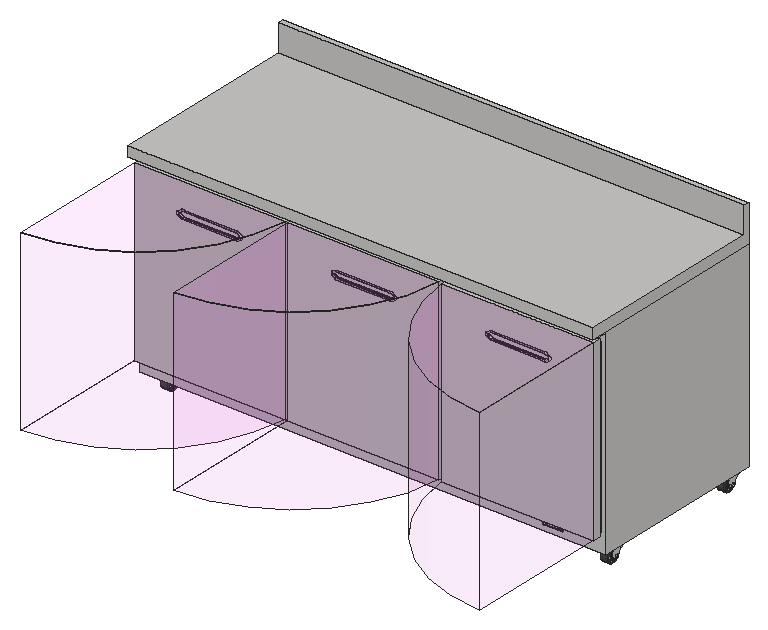
Revit family "QF_Kelvinator_738344_KCHUCWT72R-220_3-Door_220V_Refrigerated_Work_Top_72Long", category Specialty Equipment, Revit 2021
Family settings
  Round Connector Dimension = Use Diameter
  Part Type = Normal
  Work Plane-Based = No
  Always vertical = Yes
  Cut with Voids When Loaded = No
  Shared = No
  Room Calculation Point = No
Parameters
  Weight in Pounds = 380.011
  Watts = Volts * FL Amps  # 396 W
  Volts = 220 V
  URL Cutsheet = ""
  Specification by User = ""
  Specification by Manufacturer = ""
  Serial Number = ""
  Seismic Rating = ""
  SMACNA No = ""
  Revision Code = ""
  Refrigerant Type = "R290"
  Phase = 1
  Number of Poles = 1
  NAFEM Spec ID Number = ""
  Model = "738344 (KCHUCWT72R-220)"
  Min Ckt Ampacity = 0 A
  Max Overcurrent Protection = 0 A
  Masterspec = ""
  Manufacturer = "Kelvinator Commercial"
  Length = 71 3/4"
  Item Number = "738344"
  Installed By = ""
  Identify Quantity as Lot = yes
  Height = 39 5/8"
  HP = "1/4"
  Furnished By = ""
  Foodservice Equipment Identifier = yes
  FL Amps = 1.8 A
  Electrical Remarks = ""
  Electric Connection Type = ""
  Elec Conn RI Height = 0"
  Elec Conn Connection Height = 0"
  Description = "3-Door 220V Refrigerated Work Top 72\" Long"
  Depth = 29 15/16"
  Default Elevation = 0"
  Cycle = 50 Hz
  Conn Plug = ""
  Conn Conduit = yes
  CSI MasterFormat = ""
  Apparent Power = 0 VA
Reference planes (in)
  plane 1 "BACK": y = 0
  plane 2: z = 0
  plane 3 "LEFT": x = 0
  plane 4 "RIGHT": x = 71.75
  plane 5 "FRONT": y = -29.9375
  plane 6 "TOP": z = 39.625
  plane 7 "Center Y": x = 35.875
  plane 8 "Center X": y = -14.96875
Dimensions and locks (in)
  equal spacing: plane 3 "LEFT", plane 7 "Center Y", plane 4 "RIGHT"
  "Length": plane 3 "LEFT" to plane 4 "RIGHT"
  equal spacing: plane 5 "FRONT", plane 8 "Center X", plane 1 "BACK"
  "Depth": plane 5 "FRONT" to plane 1 "BACK"
  "Height": plane 6 "TOP" to level
  aligned and locked: level to plane 2
Nested families (in)
  nested 1: "KCHST.0001" at (0, 0, 0), type "KCHST.0001"
    with Show Clearance yes
Connectors (in)
  electrical at (35.85728, -0.87772, 2.31881), driven by "Volts", driven by "Watts"
    settings: on nested 1, index 1, voltage 220 V, apparent load 396 VA, apparent load phase1 0 VA, apparent load phase2 0 VA, apparent load phase3 0 VA, power factor 1, load classification "Other", number of poles 1, system type 30, power factor state 1, is connector primary yes, connector utility no, sub classification motor no, connector description ""
Definition of nested family "KCHST.0001"
  Parameters (values of type "KCHST.0001")
    Weight in Pounds = 0
    URL Cutsheet = ""
    Specification by User = ""
    Specification by Manufacturer = ""
    Show Clearance [instance] = yes
    Serial Number = ""
    Seismic Rating = ""
    SMACNA No = ""
    Revision Code = ""
    NAFEM Spec ID Number = ""
    Masterspec = ""
    Length = 71 3/4"
    Item Number = ""
    Installed By = ""
    Identify Quantity as Lot = yes
    Height = 39 5/8"
    Furnished By = ""
    Foodservice Equipment Identifier = yes
    Depth = 29 15/16"
    Default Elevation = 0"
    CSI MasterFormat = ""
  Reference planes (in)
    plane 1 "BACK": y = 0
    plane 2: z = 0
    plane 3 "LEFT": x = 0
    plane 4 "RIGHT": x = 71.75
    plane 5 "FRONT": y = -29.9375
    plane 6 "TOP": z = 39.625
    plane 7 "Center Y": x = 35.875
    plane 8 "Center X": y = -14.96875
    plane 9: z = 3.1
    plane 10: z = 33.8874
    plane 11: y = -29.2
    plane 12: z = 32.4
    plane 13: z = 5.6
    plane 14: y = -27.5
    plane 15: x = 69.75
    plane 16: x = 2
    plane 17: x = 71.25
    plane 18: x = 0.5
    plane 19: z = 35.4622
    plane 20: y = -27.2
    plane 21: x = 12.09564
    plane 22: x = 0.5
    plane 23: x = 59.65436
    plane 24: x = 35.875
    plane 25: y = -51.1811
  Forms (in)
    Extrusion 1, solid
      sketch origin (0, 0, 0) x (0, 1, 0) y (0, 0, 1)
        loop
          line (-27.5, 33.8874) -> (-27.5, 3.1) -> (0, 3.1) -> (0, 33.8874) -> (-27.5, 33.8874)
      from 0 to 71.75
    Extrusion 2, solid
      sketch origin (0, 0, 0) x (0, 1, 0) y (0, 0, 1)
        loop
          line (-0.7874, 39.625) -> (-0.7874, 35.4622) -> (-29.9375, 35.4622) -> (-29.9375, 33.8874) -> (0, 33.8874) -> (0, 39.625) -> (-0.7874, 39.625)
      from 0 to 71.75
    Extrusion 3, solid
      sketch origin (0, 0, 0) x (0, 1, 0) y (0, 0, 1)
        loop
          line (-29.25197, 33.8874) -> (-29.25197, 33.57244) -> (-27.5, 33.57244) -> (-27.5, 33.8874) -> (-29.25197, 33.8874)
      from 0.15748 to 71.5748
    Extrusion 4, solid
      sketch origin (35.875, 6.90541, 48) x (0, 1, 0) y (0, 0, 1)
        loop
          line (-36.10541, -15.05748) -> (-36.10541, -42.4) -> (-34.95211, -42.4) -> (-34.95211, -15.05748) -> (-36.10541, -15.05748)
      from -12.075 to -35.375
    Extrusion 5, solid
      sketch origin (0, 0, 0) x (0, 1, 0) y (0, 0, 1)
        loop
          line (-28.04671, 32.62756) -> (-28.04671, 5.81322) -> (-27.79671, 5.81322) -> (-27.79671, 32.62756) -> (-28.04671, 32.62756)
      from 0.74536 to 23.44592
    Extrusion 6, solid
      sketch origin (0, 0.25, 0) x (0, 1, 0) y (0, 0, 1)
        loop
          line (-28.04671, 32.20449) -> (-28.04671, 5.81322) -> (-27.864, 5.81322) -> (-27.864, 32.20449) -> (-28.04671, 32.20449)
      from 0.74536 to 23.44592
    Extrusion 7, solid
      sketch origin (0, 0.4327, 0) x (0, 1, 0) y (0, 0, 1)
        loop
          line (-28.04671, 32.20449) -> (-28.04671, 5.81322) -> (-27.9327, 5.81322) -> (-27.9327, 32.20449) -> (-28.04671, 32.20449)
      from 0.74536 to 23.44592
    Extrusion 8, solid
      sketch origin (-4.15108, -27.5, -4.57717) x (-1, 0, 0) y (0, 0, 1)
        loop
          line (-66.19304, 9.70772) -> (-69.34265, 9.70772) -> (-69.34265, 8.52662) -> (-66.19304, 8.52662) -> (-66.19304, 9.70772)
        loop
          line (-66.27178, 9.63107) -> (-66.66548, 9.63107) -> (-66.66548, 9.31193) -> (-66.27178, 9.31193) -> (-66.27178, 9.63107)
        loop
          line (-66.27178, 9.27674) -> (-66.66548, 9.27674) -> (-66.66548, 8.9576) -> (-66.27178, 8.9576) -> (-66.27178, 9.27674)
        loop
          line (-66.27178, 8.92241) -> (-66.66548, 8.92241) -> (-66.66548, 8.60327) -> (-66.27178, 8.60327) -> (-66.27178, 8.92241)
        loop
          line (-69.26391, 9.63107) -> (-69.26391, 9.31193) -> (-68.87021, 9.31193) -> (-68.87021, 9.63107) -> (-69.26391, 9.63107)
        loop
          line (-69.26391, 9.27674) -> (-69.26391, 8.9576) -> (-68.87021, 8.9576) -> (-68.87021, 9.27674) -> (-69.26391, 9.27674)
        loop
          line (-69.26391, 8.92241) -> (-69.26391, 8.60327) -> (-68.87021, 8.60327) -> (-68.87021, 8.92241) -> (-69.26391, 8.92241)
        loop
          line (-66.74297, 9.63107) -> (-68.79272, 9.63107) -> (-68.79272, 8.60716) -> (-66.74297, 8.60716) -> (-66.74297, 9.63107)
      from 0.07874 to -0.04602
    Extrusion 9, solid
      sketch origin (-4.15108, -27.54602, -4.57717) x (1, 0, 0) y (0, 0, 1)
        loop
          line (68.87021, 9.63107) -> (68.87021, 9.31193) -> (69.26391, 9.31193) -> (69.26391, 9.63107) -> (68.87021, 9.63107)
        loop
          line (68.87021, 9.27674) -> (68.87021, 8.9576) -> (69.26391, 8.9576) -> (69.26391, 9.27674) -> (68.87021, 9.27674)
        loop
          line (68.87021, 8.92241) -> (68.87021, 8.60327) -> (69.26391, 8.60327) -> (69.26391, 8.92241) -> (68.87021, 8.92241)
        loop
          line (66.66548, 9.63107) -> (66.27178, 9.63107) -> (66.27178, 9.31193) -> (66.66548, 9.31193) -> (66.66548, 9.63107)
        loop
          line (66.66548, 9.27674) -> (66.27178, 9.27674) -> (66.27178, 8.9576) -> (66.66548, 8.9576) -> (66.66548, 9.27674)
        loop
          line (66.66548, 8.92241) -> (66.27178, 8.92241) -> (66.27178, 8.60327) -> (66.66548, 8.60327) -> (66.66548, 8.92241)
      from 0 to -0.07874
    Extrusion 10, solid
      sketch origin (-4.15108, -27.54602, -4.57717) x (1, 0, 0) y (0, 0, 1)
        loop
          line (66.74297, 9.63107) -> (66.74297, 8.60716) -> (68.79272, 8.60716) -> (68.79272, 9.63107) -> (66.74297, 9.63107)
      from 0 to -0.07874
    Extrusion 11, void
      sketch origin (-4.15108, -27.5, -4.57717) x (-1, 0, 0) y (0, 0, 1)
        loop
          line (-66.17533, 9.70772) -> (-69.34265, 9.70772) -> (-69.34265, 8.52662) -> (-66.17533, 8.52662) -> (-66.17533, 9.70772)
      from 0 to 0.07874
    Extrusion 12, void
      sketch origin (-37.39706, -29.19996, 30.78217) x (0, 0, 1) y (1, 0, 0)
        loop
          line (-1.94791, 45.3177) -> (-1.94791, 53.6677) -> (-2.28604, 54.2087)
          arc (-2.28604, 54.2087) -> (-2.38541, 54.26378) -> (-2.48479, 54.2087) r 0.11719
          line (-2.48479, 54.2087) -> (-2.82291, 53.6677) -> (-2.82291, 45.3177) -> (-2.48621, 44.77897)
          arc (-2.48621, 44.77897) -> (-2.38541, 44.72311) -> (-2.28462, 44.77897) r 0.11887
          line (-2.28462, 44.77897) -> (-1.94791, 45.3177)
      from 0 to 0.31887
    Sweep 13, solid
      path origin (-34.14291, -26.39996, 30.78217) x (0, 0, -1) y (1, 0, 0)
        loop
          line (2.82291, 50.41355) -> (2.48479, 50.95455)
          arc (2.48479, 50.95455) -> (2.38541, 51.00963) -> (2.28604, 50.95455) r 0.11719
          line (2.28604, 50.95455) -> (1.94791, 50.41355) -> (1.94791, 42.06355) -> (2.28462, 41.52483)
          arc (2.28462, 41.52483) -> (2.38541, 41.46896) -> (2.48621, 41.52483) r 0.11887
          line (2.48621, 41.52483) -> (2.82291, 42.06355) -> (2.82291, 50.41355)
      profile origin (12.09564, -26.39996, 27.95925) x (0, 0, -1) y (0, -1, 0)
        loop
          line (0, 2.8) -> (0.25, 2.8)
          arc (0.25, 2.8) -> (0.125, 2.85269) -> (0, 2.8) r 0.17461
    Extrusion 14, solid
      sketch origin (-21.40625, -3.56521, 3.1) x (-1, 0, 0) y (0, 1, 0)
        loop
          circle (-57.26353, 2.68749) r 0.25
      from 0 to 0.78119
    Extrusion 15, solid
      sketch origin (35.875, 6.90541, 48) x (0, 1, 0) y (0, 0, -1)
        loop
          line (-36.10541, 15.05748) -> (-34.95211, 15.05748) -> (-34.95211, 42.4) -> (-36.10541, 42.4) -> (-36.10541, 15.05748)
      from -12.075 to -35.375
    Extrusion 16, solid
      sketch origin (71.75, 0, 0) x (0, 1, 0) y (0, 0, -1)
        loop
          line (-28.04671, -32.62756) -> (-27.79671, -32.62756) -> (-27.79671, -5.81322) -> (-28.04671, -5.81322) -> (-28.04671, -32.62756)
      from 0.74536 to 23.44592
    Extrusion 17, solid
      sketch origin (71.75, 0.25, 0) x (0, 1, 0) y (0, 0, -1)
        loop
          line (-28.04671, -32.20449) -> (-27.864, -32.20449) -> (-27.864, -5.81322) -> (-28.04671, -5.81322) -> (-28.04671, -32.20449)
      from 0.74536 to 23.44592
    Extrusion 18, solid
      sketch origin (71.75, 0.4327, 0) x (0, 1, 0) y (0, 0, -1)
        loop
          line (-28.04671, -32.20449) -> (-27.9327, -32.20449) -> (-27.9327, -5.81322) -> (-28.04671, -5.81322) -> (-28.04671, -32.20449)
      from 0.74536 to 23.44592
    Extrusion 19, void
      sketch origin (109.14706, -29.19996, 30.78217) x (0, 0, 1) y (1, 0, 0)
        loop
          line (-1.94791, -45.3177) -> (-2.28462, -44.77897)
          arc (-2.28462, -44.77897) -> (-2.38541, -44.72311) -> (-2.48621, -44.77897) r 0.11887
          line (-2.48621, -44.77897) -> (-2.82291, -45.3177) -> (-2.82291, -53.6677) -> (-2.48479, -54.2087)
          arc (-2.48479, -54.2087) -> (-2.38541, -54.26378) -> (-2.28604, -54.2087) r 0.11719
          line (-2.28604, -54.2087) -> (-1.94791, -53.6677) -> (-1.94791, -45.3177)
      from 0 to 0.31887
    Sweep 20, solid
      path origin (105.89291, -26.39996, 30.78217) x (0, 0, -1) y (1, 0, 0)
        loop
          line (2.82291, -50.41355) -> (2.82291, -42.06355) -> (2.48621, -41.52483)
          arc (2.48621, -41.52483) -> (2.38541, -41.46896) -> (2.28462, -41.52483) r 0.11887
          line (2.28462, -41.52483) -> (1.94791, -42.06355) -> (1.94791, -50.41355) -> (2.28604, -50.95455)
          arc (2.28604, -50.95455) -> (2.38541, -51.00963) -> (2.48479, -50.95455) r 0.11719
          line (2.48479, -50.95455) -> (2.82291, -50.41355)
      profile origin (59.65436, -26.39996, 27.95925) x (0, 0, 1) y (0, -1, 0)
        loop
          arc (0, 2.8) -> (-0.125, 2.85269) -> (-0.25, 2.8) r 0.17461
          line (-0.25, 2.8) -> (0, 2.8)
    Extrusion 21, solid
      sketch origin (12.09564, 6.90541, 48) x (0, 1, 0) y (0, 0, -1)
        loop
          line (-36.10541, 15.05748) -> (-34.95211, 15.05748) -> (-34.95211, 42.4) -> (-36.10541, 42.4) -> (-36.10541, 15.05748)
      from -12.075 to -35.375
    Extrusion 22, solid
      sketch origin (47.97064, 0, 0) x (0, 1, 0) y (0, 0, -1)
        loop
          line (-28.04671, -32.62756) -> (-27.79671, -32.62756) -> (-27.79671, -5.81322) -> (-28.04671, -5.81322) -> (-28.04671, -32.62756)
      from 0.74536 to 23.44592
    Extrusion 23, solid
      sketch origin (47.97064, 0.25, 0) x (0, 1, 0) y (0, 0, -1)
        loop
          line (-28.04671, -32.20449) -> (-27.864, -32.20449) -> (-27.864, -5.81322) -> (-28.04671, -5.81322) -> (-28.04671, -32.20449)
      from 0.74536 to 23.44592
    Extrusion 24, solid
      sketch origin (47.97064, 0.4327, 0) x (0, 1, 0) y (0, 0, -1)
        loop
          line (-28.04671, -32.20449) -> (-27.9327, -32.20449) -> (-27.9327, -5.81322) -> (-28.04671, -5.81322) -> (-28.04671, -32.20449)
      from 0.74536 to 23.44592
    Extrusion 25, void
      sketch origin (85.3677, -29.19996, 30.78217) x (0, 0, 1) y (1, 0, 0)
        loop
          line (-1.94791, -45.32655) -> (-2.28462, -44.78783)
          arc (-2.28462, -44.78783) -> (-2.38541, -44.73196) -> (-2.48621, -44.78783) r 0.11887
          line (-2.48621, -44.78783) -> (-2.82291, -45.32655) -> (-2.82291, -53.6677) -> (-2.48479, -54.2087)
          arc (-2.48479, -54.2087) -> (-2.38541, -54.26378) -> (-2.28604, -54.2087) r 0.11719
          line (-2.28604, -54.2087) -> (-1.94791, -53.6677) -> (-1.94791, -45.32655)
      from 0 to 0.31887
    Sweep 26, solid
      path origin (82.11355, -26.39996, 30.78217) x (0, 0, -1) y (1, 0, 0)
        loop
          line (2.82291, -50.41355) -> (2.82291, -42.07241) -> (2.48621, -41.53368)
          arc (2.48621, -41.53368) -> (2.38541, -41.47782) -> (2.28462, -41.53368) r 0.11887
          line (2.28462, -41.53368) -> (1.94791, -42.07241) -> (1.94791, -50.41355) -> (2.28604, -50.95455)
          arc (2.28604, -50.95455) -> (2.38541, -51.00963) -> (2.48479, -50.95455) r 0.11719
          line (2.48479, -50.95455) -> (2.82291, -50.41355)
      profile origin (35.87057, -26.39996, 27.95925) x (0, 0, 1) y (0, -1, 0)
        loop
          arc (0, 2.8) -> (-0.125, 2.85269) -> (-0.25, 2.8) r 0.17461
          line (-0.25, 2.8) -> (0, 2.8)
    Extrusion 27, solid, visible <- "Show Clearance"
      sketch origin (35.875, -28.04671, 5.6) x (-1, 0, 0) y (0, 1, 0)
        loop
          line (35.375, -1.15329) -> (12.075, -1.15329)
          arc (12.075, -1.15329) -> (19.51555, -16.60586) -> (35.375, -23.1344) r 23.97552
          line (35.375, -23.1344) -> (35.375, -1.15329)
        loop
          line (-12.075, -1.15329) -> (-35.375, -1.15329) -> (-35.375, -23.1344)
          arc (-35.375, -23.1344) -> (-19.51555, -16.60586) -> (-12.075, -1.15329) r 23.97552
        loop
          line (11.70436, -1.15329) -> (-11.59564, -1.15329)
          arc (-11.59564, -1.15329) -> (-4.15508, -16.60586) -> (11.70436, -23.1344) r 23.97552
          line (11.70436, -23.1344) -> (11.70436, -1.15329)
      from 0 to -27.34252
    Extrusion 28, solid
      sketch origin (1.06299, -28.68111, 32.94252) x (0, -1, 0) y (0, 0, 1)
        loop
          line (-1.08269, 0.09843) -> (-1.08269, 0.31496) -> (-1.18111, 0.31496) -> (-1.18111, 0) -> (-0.0808, 0) -> (-0.0808, 0.09843) -> (-1.08269, 0.09843)
        loop
          line (-1.08269, -27.08661) -> (-1.08269, -26.87008) -> (-0.0808, -26.87008) -> (-0.0808, -26.77165) -> (-1.18111, -26.77165) -> (-1.18111, -27.08661) -> (-1.08269, -27.08661)
      from 0 to -2.59843
    Extrusion 29, solid
      sketch origin (44.40945, -28.68111, 32.94252) x (0, -1, 0) y (0, 0, 1)
        loop
          line (-1.08269, 0.09843) -> (-1.08269, 0.31496) -> (-1.18111, 0.31496) -> (-1.18111, 0) -> (-0.0808, 0) -> (-0.0808, 0.09843) -> (-1.08269, 0.09843)
        loop
          line (-1.08269, -27.08661) -> (-1.08269, -26.87008) -> (-0.0808, -26.87008) -> (-0.0808, -26.77165) -> (-1.18111, -26.77165) -> (-1.18111, -27.08661) -> (-1.08269, -27.08661)
      from 0 to -2.59843
    Extrusion 30, solid
      sketch origin (68.07087, -28.68111, 32.94252) x (0, -1, 0) y (0, 0, 1)
        loop
          line (-1.08269, 0.09843) -> (-1.08269, 0.31496) -> (-1.18111, 0.31496) -> (-1.18111, 0) -> (-0.0808, 0) -> (-0.0808, 0.09843) -> (-1.08269, 0.09843)
        loop
          line (-1.08269, -27.08661) -> (-1.08269, -26.87008) -> (-0.0808, -26.87008) -> (-0.0808, -26.77165) -> (-1.18111, -26.77165) -> (-1.18111, -27.08661) -> (-1.08269, -27.08661)
      from 0 to -2.59843
  Cuts and joins
    Extrusion 11 cuts Extrusion 8
    Extrusion 12, Extrusion 19 cuts Extrusion 4
    Extrusion 19, Extrusion 25 cuts Extrusion 15
    Extrusion 25 cuts Extrusion 21
  Lines and regions (in)
    symbolic lines
      curve 1: line (71.75, -29.9375, 0) -> (71.75, 0, 0)
      curve 2: line (71.75, 0, 0) -> (0, 0, 0)
      curve 3: line (0, 0, 0) -> (0, -29.9375, 0)
      curve 4: line (0, -29.9375, 0) -> (71.75, -29.9375, 0)
      curve 5: line (0, -0.7874, 0) -> (71.75, -0.7874, 0)
      curve 9: arc (23.71831, -29.9375, 0) -> (22.3246, -35.69101, 0) -> (19.56361, -40.92764, 0) r 23.97552
      curve 10: arc (47.38895, -29.9375, 0) -> (45.9924, -35.69851, 0) -> (43.22507, -40.94078, 0) r 23.97552
      curve 11: arc (52.17776, -40.94065, 0) -> (49.41253, -35.69805, 0) -> (48.01706, -29.9375, 0) r 23.99005
    symbolic lines, visible <- "Show Clearance"
      curve 6: line (0.5, -29.9375, 0) -> (19.56361, -40.92764, 0)
      curve 7: line (24.16079, -29.9375, 0) -> (43.22507, -40.94078, 0)
      curve 8: line (71.25, -29.9375, 0) -> (52.17776, -40.94065, 0)
  Dimensions and locks (in)
    equal spacing: plane 3 "LEFT", plane 7 "Center Y", plane 4 "RIGHT"
    "Length": plane 3 "LEFT" to plane 4 "RIGHT"
    equal spacing: plane 5 "FRONT", plane 8 "Center X", plane 1 "BACK"
    "Depth": plane 5 "FRONT" to plane 1 "BACK"
    "Height": plane 6 "TOP" to level
    level to plane 9 = 3.1"
    plane 10 to plane 9 = 30.7874"
    plane 13 to plane 12 = 26.8"
    locked: plane 4 "RIGHT" to plane 15 at 2
    locked: plane 3 "LEFT" to plane 16 at 2
    locked: plane 18 to plane 3 "LEFT" at 0.5
    locked: plane 17 to plane 4 "RIGHT" at 0.5
    plane 3 "LEFT" to plane 4 "RIGHT" = 71 3/4"
    plane 19 to level = 35.4622"
    plane 6 "TOP" to plane 19 = 4.1628"
    plane 5 "FRONT" to plane 1 "BACK" = 29 15/16"
    plane 20 to plane 1 "BACK" = 27.2"
    plane 9 to plane 19 = 32.3622"
    plane 25 to plane 1 "BACK" = 51.1811"
    aligned and locked: level to plane 2
    aligned and locked: plane 15 to nested 1
    aligned and locked: nested 2 to plane 16
    aligned and locked: Extrusion 1 to plane 4 "RIGHT"
    aligned and locked: plane 4 "RIGHT" to Extrusion 1
    aligned and locked: Extrusion 2 to plane 4 "RIGHT"
    aligned and locked: cut or joined group of Extrusion 4, Extrusion 12, Extrusion 19 to plane 18
    aligned and locked: plane 15 to nested 3
    aligned and locked: Extrusion 6 to Extrusion 5
    aligned and locked: Extrusion 7 to Extrusion 5
    aligned and locked: Extrusion 17 to Extrusion 16
    aligned and locked: Extrusion 18 to Extrusion 16
    aligned and locked: Extrusion 23 to Extrusion 22
    aligned and locked: Extrusion 24 to Extrusion 22
  Automatic sketch dimensions
    curve 5 to plane 3 "LEFT" = 0"
    plane 5 "FRONT" to curve 6 = 0"
    curve 6 to plane 18 = 0"
    curve 8 to plane 17 = 0"
    plane 1 "BACK" to curve 2 = 0"
    curve 2 to plane 4 "RIGHT" = 0"
    plane 20 to curve 9 = 0.01291"
    curve 9 to plane 3 "LEFT" = 0.1019"
    plane 21 to curve 6 = 7.46797"
    plane 20 to curve 10 = 0.01291"
    plane 21 to curve 10 = 11.4731"
    curve 7 to plane 24 = 7.35007"
    plane 23 to curve 8 = 7.4766"
    plane 20 to curve 11 = 0.01291"
    curve 11 to plane 4 "RIGHT" = 0.1019"
    plane 25 to curve 6 = 10.25346"
    plane 25 to curve 8 = 10.24045"
    curve 7 to curve 11 = 0.00013"
    curve 9 to curve 7 = 0.44248"
    plane 1 "BACK" to curve 5 = 0.7874"
    plane 9 to Extrusion 1 sketch curve = 0"
    Extrusion 1 sketch curve to plane 14 = 0"
    Extrusion 1 sketch curve to plane 1 "BACK" = 0"
    Extrusion 1 sketch curve to plane 10 = 0"
    Extrusion 2 sketch curve to plane 5 "FRONT" = 0"
    Extrusion 2 sketch curve to plane 19 = 0"
    Extrusion 2 sketch curve to plane 6 "TOP" = 0"
    Extrusion 2 sketch curve to plane 1 "BACK" = 0"
    Extrusion 2 sketch curve to plane 10 = 0"
    plane 1 "BACK" to Extrusion 2 sketch curve = 0.7874"
    Extrusion 3 sketch curve to plane 10 = 0"
    Extrusion 3 sketch curve to plane 14 = 0"
    Extrusion 3 sketch curve to plane 11 = 0.05197"
    Extrusion 3 sketch curve to plane 10 = 0.31496"
    Extrusion 4 sketch curve to plane 11 = 0"
    plane 13 to Extrusion 4 sketch curve = 0"
    Extrusion 4 sketch curve to plane 14 = 0.54671"
    Extrusion 4 sketch curve to plane 12 = 0.54252"
    Extrusion 5 sketch curve to plane 13 = 0.21322"
    Extrusion 5 sketch curve to plane 14 = 0.54671"
    Extrusion 5 sketch curve to Extrusion 5 sketch curve = 1/4"
    Extrusion 5 sketch curve to plane 12 = 0.22756"
    Extrusion 6 sketch curve to plane 14 = 0.29671"
    Extrusion 6 sketch curve to plane 14 = 0.114"
    Extrusion 6 sketch curve to plane 13 = 0.21322"
    plane 12 to Extrusion 6 sketch curve = 0.19551"
    Extrusion 7 sketch curve to plane 14 = 0"
    Extrusion 7 sketch curve to Extrusion 7 sketch curve = 0.114"
    Extrusion 7 sketch curve to plane 13 = 0.21322"
    plane 12 to Extrusion 7 sketch curve = 0.19551"
    plane 13 to Extrusion 8 sketch curve = 0.46944"
    Extrusion 8 sketch curve to plane 15 = 4.55843"
    Extrusion 8 sketch curve to Extrusion 8 sketch curve = 0.07874"  (x3)
    Extrusion 8 sketch curve to Extrusion 8 sketch curve = 0"  (x7)
    Extrusion 8 sketch curve to Extrusion 8 sketch curve = 0.3937"  (x2)
    Extrusion 8 sketch curve to Extrusion 8 sketch curve = 0.07748"  (x3)
    Extrusion 8 sketch curve to plane 9 = 0.93"
    Extrusion 8 sketch curve to Extrusion 8 sketch curve = 2.04976"
    Extrusion 8 sketch curve to Extrusion 8 sketch curve = 1/256"  (x2)
    Extrusion 8 sketch curve to Extrusion 8 sketch curve = 0.07665"  (x3)
    Extrusion 8 sketch curve to Extrusion 8 sketch curve = 0.31914"  (x4)
    Extrusion 8 sketch curve to Extrusion 8 sketch curve = 0.03519"  (x4)
    Extrusion 8 to Extrusion 9 sketch curve = 0"  (x10)
    Extrusion 9 sketch curve to Extrusion 8 = 0"  (x14)
    Extrusion 10 sketch curve to Extrusion 8 = 0"  (x3)
    Extrusion 8 to Extrusion 10 sketch curve = 0"
    plane 13 to Extrusion 11 sketch curve = 0.46944"
    Extrusion 11 sketch curve to plane 15 = 4.55843"
    Extrusion 11 sketch curve to plane 9 = 0.84946"
    Extrusion 11 sketch curve to plane 23 = 2.36988"
    plane 12 to Extrusion 12 sketch curve = 4.44075"
    Extrusion 12 sketch curve to Extrusion 12 sketch curve = 0.3367"
    Extrusion 12 sketch curve to Extrusion 12 sketch curve = 0.33813"  (x2)
    Extrusion 12 sketch curve to Extrusion 12 sketch curve = 0.09937"  (x2)
    Extrusion 12 sketch curve to Extrusion 12 sketch curve = 0.1008"  (x2)
    Extrusion 12 sketch curve to plane 21 = 4.71372"
    Extrusion 12 sketch curve to Extrusion 12 sketch curve = 0.063"
    Extrusion 12 sketch curve to Extrusion 12 sketch curve = 0.53872"  (x2)
    plane 21 to Extrusion 12 sketch curve = 4.175"
    Extrusion 12 sketch curve to Extrusion 12 sketch curve = 0"
    Extrusion 12 sketch curve to Extrusion 12 sketch curve = 0.47889"
    Extrusion 12 sketch curve to Extrusion 12 sketch curve = 0.06211"
    plane 12 to Sweep 13 sketch curve = 3.56575"
    Sweep 13 sketch curve to Sweep 13 sketch curve = 0.3367"
    Sweep 13 sketch curve to Sweep 13 sketch curve = 0.33813"  (x2)
    Sweep 13 sketch curve to Sweep 13 sketch curve = 0.09937"  (x2)
    Sweep 13 sketch curve to Sweep 13 sketch curve = 0.1008"  (x2)
    Sweep 13 sketch curve to plane 21 = 4.71372"
    Sweep 13 sketch curve to Sweep 13 sketch curve = 0.063"
    Sweep 13 sketch curve to Sweep 13 sketch curve = 0.53872"  (x2)
    plane 21 to Sweep 13 sketch curve = 4.175"
    Sweep 13 sketch curve to Sweep 13 sketch curve = 0"
    Sweep 13 sketch curve to Sweep 13 sketch curve = 0.47889"
    Sweep 13 sketch curve to Sweep 13 sketch curve = 0.06211"
    Sweep 13 sketch curve to profile plane = 0"
    Sweep 13 sketch curve to profile plane = 1/8"
    profile plane to Sweep 13 sketch curve = 2.67809"
    Sweep 13 sketch curve to Sweep 13 sketch curve = 0.12191"
    Extrusion 1 to Extrusion 14 sketch curve = 0.87772"
    Extrusion 14 sketch curve to Extrusion 1 = 35.85728"
    Extrusion 15 sketch curve to plane 11 = 0"
    plane 13 to Extrusion 15 sketch curve = 0"
    Extrusion 15 sketch curve to plane 14 = 0.54671"
    Extrusion 15 sketch curve to plane 12 = 0.54252"
    Extrusion 16 sketch curve to plane 13 = 0.21322"
    Extrusion 16 sketch curve to plane 14 = 0.54671"
    Extrusion 16 sketch curve to Extrusion 16 sketch curve = 1/4"
    Extrusion 16 sketch curve to plane 12 = 0.22756"
    Extrusion 17 sketch curve to plane 14 = 0.29671"
    Extrusion 17 sketch curve to plane 14 = 0.114"
    plane 12 to Extrusion 17 sketch curve = 0.19551"
    Extrusion 17 sketch curve to plane 13 = 0.21322"
    Extrusion 18 sketch curve to plane 14 = 0"
    Extrusion 18 sketch curve to Extrusion 18 sketch curve = 0.114"
    plane 12 to Extrusion 18 sketch curve = 0.19551"
    Extrusion 18 sketch curve to plane 13 = 0.21322"
    plane 12 to Extrusion 19 sketch curve = 4.44075"
    Extrusion 19 sketch curve to Extrusion 19 sketch curve = 0.3367"
    Extrusion 19 sketch curve to Extrusion 19 sketch curve = 0.33813"  (x2)
    Extrusion 19 sketch curve to Extrusion 19 sketch curve = 0.09937"  (x2)
    Extrusion 19 sketch curve to Extrusion 19 sketch curve = 0.1008"  (x2)
    plane 23 to Extrusion 19 sketch curve = 4.716"
    Extrusion 19 sketch curve to Extrusion 19 sketch curve = 0.06211"
    Extrusion 19 sketch curve to Extrusion 19 sketch curve = 0.541"  (x2)
    Extrusion 19 sketch curve to plane 23 = 4.175"
    Extrusion 19 sketch curve to Extrusion 19 sketch curve = 0"
    Extrusion 19 sketch curve to Extrusion 19 sketch curve = 0.47572"
    Extrusion 19 sketch curve to Extrusion 19 sketch curve = 0.063"
    plane 12 to Sweep 20 sketch curve = 3.56575"
    Sweep 20 sketch curve to Sweep 20 sketch curve = 0.3367"
    Sweep 20 sketch curve to Sweep 20 sketch curve = 0.33813"  (x2)
    Sweep 20 sketch curve to Sweep 20 sketch curve = 0.09937"  (x2)
    Sweep 20 sketch curve to Sweep 20 sketch curve = 0.1008"  (x2)
    plane 23 to Sweep 20 sketch curve = 4.716"
    Sweep 20 sketch curve to Sweep 20 sketch curve = 0.06211"
    Sweep 20 sketch curve to Sweep 20 sketch curve = 0.541"  (x2)
    Sweep 20 sketch curve to plane 23 = 4.175"
    Sweep 20 sketch curve to Sweep 20 sketch curve = 0"
    Sweep 20 sketch curve to Sweep 20 sketch curve = 0.47572"
    Sweep 20 sketch curve to Sweep 20 sketch curve = 0.063"
    profile plane to Sweep 20 sketch curve = 0"
    profile plane to Sweep 20 sketch curve = 1/8"
    profile plane to Sweep 20 sketch curve = 2.67809"
    Sweep 20 sketch curve to Sweep 20 sketch curve = 0.12191"
    Extrusion 21 sketch curve to plane 11 = 0"
    plane 13 to Extrusion 21 sketch curve = 0"
    Extrusion 21 sketch curve to plane 14 = 0.54671"
    Extrusion 21 sketch curve to plane 12 = 0.54252"
    Extrusion 22 sketch curve to plane 13 = 0.21322"
    Extrusion 22 sketch curve to plane 14 = 0.54671"
    Extrusion 22 sketch curve to Extrusion 22 sketch curve = 1/4"
    Extrusion 22 sketch curve to plane 12 = 0.22756"
    Extrusion 23 sketch curve to plane 14 = 0.29671"
    Extrusion 23 sketch curve to plane 14 = 0.114"
    plane 12 to Extrusion 23 sketch curve = 0.19551"
    Extrusion 23 sketch curve to plane 13 = 0.21322"
    Extrusion 24 sketch curve to plane 14 = 0"
    Extrusion 24 sketch curve to Extrusion 24 sketch curve = 0.114"
    plane 12 to Extrusion 24 sketch curve = 0.19551"
    Extrusion 24 sketch curve to plane 13 = 0.21322"
    plane 12 to Extrusion 25 sketch curve = 4.44075"
    Extrusion 25 sketch curve to Extrusion 25 sketch curve = 0.3367"
    Extrusion 25 sketch curve to Extrusion 25 sketch curve = 0.33813"  (x2)
    Extrusion 25 sketch curve to Extrusion 25 sketch curve = 0.09937"  (x2)
    Extrusion 25 sketch curve to Extrusion 25 sketch curve = 0.1008"  (x2)
    Extrusion 25 sketch curve to plane 7 "Center Y" = 4.716"
    Extrusion 25 sketch curve to Extrusion 25 sketch curve = 0.06211"
    Extrusion 25 sketch curve to Extrusion 25 sketch curve = 0.541"  (x2)
    Extrusion 25 sketch curve to plane 24 = 4.16614"
    Extrusion 25 sketch curve to Extrusion 25 sketch curve = 0"
    Extrusion 25 sketch curve to Extrusion 25 sketch curve = 0.47572"
    Extrusion 25 sketch curve to Extrusion 25 sketch curve = 0.063"
    plane 12 to Sweep 26 sketch curve = 3.56575"
    Sweep 26 sketch curve to Sweep 26 sketch curve = 0.3367"
    Sweep 26 sketch curve to Sweep 26 sketch curve = 0.33813"  (x2)
    Sweep 26 sketch curve to Sweep 26 sketch curve = 0.09937"  (x2)
    Sweep 26 sketch curve to Sweep 26 sketch curve = 0.1008"  (x2)
    Sweep 26 sketch curve to plane 7 "Center Y" = 4.716"
    Sweep 26 sketch curve to Sweep 26 sketch curve = 0.06211"
    Sweep 26 sketch curve to Sweep 26 sketch curve = 0.541"  (x2)
    Sweep 26 sketch curve to plane 24 = 4.16614"
    Sweep 26 sketch curve to Sweep 26 sketch curve = 0"
    Sweep 26 sketch curve to Sweep 26 sketch curve = 0.47572"
    Sweep 26 sketch curve to Sweep 26 sketch curve = 0.063"
    profile plane to Sweep 26 sketch curve = 0"
    profile plane to Sweep 26 sketch curve = 1/8"
    profile plane to Sweep 26 sketch curve = 2.67809"
    Sweep 26 sketch curve to Sweep 26 sketch curve = 0.12191"
    Extrusion 27 sketch curve to Extrusion 15 = 0"  (x5)
    Extrusion 15 to Extrusion 27 sketch curve = 0.59304"
    Extrusion 15 to Extrusion 27 sketch curve = 0.47936"
    Extrusion 27 sketch curve to Extrusion 27 sketch curve = 23.3"
    Extrusion 27 sketch curve to Extrusion 27 sketch curve = 0.37064"
    Extrusion 27 sketch curve to Extrusion 15 = 0.83379"  (x3)
    Extrusion 27 sketch curve to Extrusion 27 sketch curve = 0.2224"
    Extrusion 27 sketch curve to Extrusion 27 sketch curve = 23.67064"
    Extrusion 27 sketch curve to Extrusion 27 sketch curve = 0.59304"
    Extrusion 28 sketch curve to Extrusion 28 sketch curve = 0.09843"  (x2)
    Extrusion 28 sketch curve to Extrusion 28 sketch curve = 0.21654"  (x2)
    plane 20 to Extrusion 29 sketch curve = 0.3"  (x2)
    plane 20 to Extrusion 29 sketch curve = 51/128"  (x2)
    Extrusion 29 sketch curve to plane 14 = 1.10032"  (x2)
    Extrusion 29 sketch curve to plane 13 = 0.25591"
    Extrusion 29 sketch curve to plane 13 = 0.47244"
    Extrusion 29 sketch curve to Extrusion 29 sketch curve = 0.09843"  (x2)
    Extrusion 29 sketch curve to plane 12 = 0.54252"
    Extrusion 29 sketch curve to Extrusion 29 sketch curve = 0.21654"
    plane 20 to Extrusion 30 sketch curve = 0.3"  (x2)
    plane 20 to Extrusion 30 sketch curve = 51/128"  (x2)
    Extrusion 30 sketch curve to plane 14 = 1.10032"  (x2)
    Extrusion 30 sketch curve to plane 13 = 0.25591"
    Extrusion 30 sketch curve to plane 13 = 0.47244"
    Extrusion 30 sketch curve to Extrusion 30 sketch curve = 0.09843"  (x2)
    Extrusion 30 sketch curve to plane 12 = 0.54252"
    Extrusion 30 sketch curve to Extrusion 30 sketch curve = 0.21654"
    plane 20 to Extrusion 28 sketch curve = 0.3"  (x2)
    plane 20 to Extrusion 28 sketch curve = 51/128"  (x2)
    Extrusion 28 sketch curve to plane 14 = 1.10032"  (x2)
    Extrusion 28 sketch curve to plane 13 = 0.25591"
    Extrusion 28 sketch curve to plane 12 = 0.54252"
    radius of Extrusion 14 sketch curve = 1/4"
  Nested families (in)
    nested 1: "3 INCHES 01_CASTER" at (69.75, -24.75, 0), type "3 INCHES 01_CASTER"
      with Type Mark "", Specification by User "", Revision Code "", Item Number "", Installed By "", Identify Quantity as Lot yes, Furnished By "", Foodservice Equipment Identifier yes, 3 Inches Caster yes
    nested 2: "3 INCHES 01_CASTER" at (2, -24.75, 0), type "3 INCHES 01_CASTER"
      with Type Mark "", Specification by User "", Revision Code "", Item Number "", Installed By "", Identify Quantity as Lot yes, Furnished By "", Foodservice Equipment Identifier yes, 3 Inches Caster yes
    nested 3: "3 INCHES 01_CASTER" at (69.75, -2.375, 0), type "3 INCHES 01_CASTER"
      with Type Mark "", Specification by User "", Revision Code "", Item Number "", Installed By "", Identify Quantity as Lot yes, Furnished By "", Foodservice Equipment Identifier yes, 3 Inches Caster yes
    nested 4: "3 INCHES 01_CASTER" at (2, -2.375, 0), type "3 INCHES 01_CASTER"
      with Type Mark "", Specification by User "", Revision Code "", Item Number "", Installed By "", Identify Quantity as Lot yes, Furnished By "", Foodservice Equipment Identifier yes, 3 Inches Caster yes
  Definition of nested family "3 INCHES 01_CASTER"
    Parameters (values of type "3 INCHES 01_CASTER")
      Weight = ""
      URL Manufacturer = ""
      URL Cutsheet = ""
      URL = ""
      Type Mark [instance] = ""
      Specification by User [instance] = ""
      Specification by Manufacturer = ""
      Serial Number = ""
      Seismic Rating = ""
      SMACNA No = ""
      Revision Code [instance] = ""
      Omniclass Number and Title = ""
      NAFEM Spec ID Number = ""
      Model = ""
      MasterSpec. = ""
      Manufacturer = ""
      Item Number [instance] = ""
      Installed By [instance] = ""
      Identify Quantity as Lot [instance] = yes
      Furnished By [instance] = ""
      Foodservice Equipment Identifier [instance] = yes
      Description = ""
      Default Elevation = 0"
      CSI MasterFormat = ""
      CSI Master Format = ""
      Assembly Code = ""
      3 Inches Caster [instance] = yes
    Reference planes (in)
      plane 1: z = 0
      plane 2 "RIGHT": x = 0
      plane 3 "FRONT": y = 0
      plane 4 "TOP": z = 3.1
    Forms (in)
      Revolve 1, solid, visible <- "3 Inches Caster"
        sketch origin (-1.93794, 0.56004, -1.0041) x (1, 0, 0) y (0, 0, 1)
          loop
            line (0.74055, 2.11347) -> (0.74055, 2.03797) -> (0.79055, 1.98797) -> (0.85055, 1.98797) -> (0.85055, 1.8679) -> (1.235, 1.8679) -> (1.235, 1.7068) -> (1.36441, 1.63209) -> (1.4003, 1.41035) -> (1.34375, 1.41035) -> (1.34375, 1.28535) -> (1.375, 1.28535) -> (1.375, 1.0041) -> (2.48438, 1.0041) -> (2.48438, 1.28535) -> (2.51563, 1.28535) -> (2.51563, 1.41035) -> (2.45908, 1.41035) -> (2.49553, 1.6356) -> (2.62438, 1.70999) -> (2.62438, 1.8679) -> (3.04007, 1.8679) -> (3.04007, 1.98797) -> (3.10007, 1.98797) -> (3.15007, 2.03797) -> (3.15007, 2.11347) -> (0.74055, 2.11347)
          axis (0.74055, 2.11347) -> (3.15007, 2.11347)
        angle from 0 to 360
      Extrusion 2, solid, visible <- "3 Inches Caster"
        sketch origin (-1.93794, 1.35294, -3.2541) x (0, 1, 0) y (0, 0, 1)
          loop
            line (-0.41094, 5.86793) -> (-0.41094, 6.01276) -> (-2.29494, 6.01276) -> (-2.29494, 5.71244) -> (-1.82301, 5.71244)
            arc (-1.82301, 5.71244) -> (-1.00307, 5.59865) -> (-0.19592, 5.41488) r 9.6332
            arc (-0.19592, 5.41488) -> (0.12646, 5.29481) -> (0.42224, 5.11916) r 1.92059
            line (0.42224, 5.11916) -> (0.51314, 5.245)
            arc (0.51314, 5.245) -> (0.27353, 5.42569) -> (0.01201, 5.5729) r 2.25036
            line (0.01201, 5.5729) -> (0.09371, 5.71426)
            arc (0.09371, 5.71426) -> (-0.15272, 5.81043) -> (-0.41094, 5.86793) r 1.73151
        from 1.17357 to 2.70231
      Revolve 3, solid, visible <- "3 Inches Caster"
        sketch origin (0, 1.73858, -3.25) x (0, 1, 0) y (0, 0, 1)
          loop
            line (-1.73858, 6.35) -> (-1.73858, 6.00866) -> (-0.93293, 6.00866) -> (-0.93293, 6.35) -> (-1.73858, 6.35)
          axis (-1.73858, 6.00866) -> (-1.73858, 6.35)
        angle from 0 to 360
      Extrusion 4, solid, visible <- "3 Inches Caster"
        sketch origin (-1.98481, 1.35294, -1.7541) x (0, 1, 0) y (0, 0, 1)
          loop
            line (-2.29494, 4.51276) -> (-2.29494, 4.21244) -> (-2.2074, 4.21244)
            arc (-2.2074, 4.21244) -> (-1.58796, 3.87196) -> (-1.3103, 3.22193) r 1.0835
            arc (-1.3103, 3.22193) -> (-1.27304, 2.98711) -> (-1.19616, 2.76214) r 1.38462
            arc (-1.19616, 2.76214) -> (-0.77704, 2.49744) -> (-0.37393, 2.78593) r 0.44401
            arc (-0.37393, 2.78593) -> (-0.35491, 2.84407) -> (-0.34077, 2.90358) r 0.74034
            arc (-0.34077, 2.90358) -> (-0.07302, 3.38916) -> (0.4279, 3.62699) r 0.90376
            line (0.4279, 3.62699) -> (0.51314, 3.745)
            arc (0.51314, 3.745) -> (0.27353, 3.92569) -> (0.01201, 4.0729) r 2.25036
            line (0.01201, 4.0729) -> (0.09371, 4.21426)
            arc (0.09371, 4.21426) -> (-0.15272, 4.31043) -> (-0.41094, 4.36793) r 1.73151
            line (-0.41094, 4.36793) -> (-0.41094, 4.51276) -> (-2.29494, 4.51276)
        from 2.74918 to 2.90825
      Extrusion 5, solid, visible <- "3 Inches Caster"
        sketch origin (1.98481, 1.35294, -1.7541) x (0, 1, 0) y (0, 0, -1)
          loop
            line (-2.29494, -4.51276) -> (-0.41094, -4.51276) -> (-0.41094, -4.36793)
            arc (-0.41094, -4.36793) -> (-0.15272, -4.31043) -> (0.09371, -4.21426) r 1.73151
            line (0.09371, -4.21426) -> (0.01201, -4.0729)
            arc (0.01201, -4.0729) -> (0.27353, -3.92569) -> (0.51314, -3.745) r 2.25036
            line (0.51314, -3.745) -> (0.4279, -3.62699)
            arc (0.4279, -3.62699) -> (-0.07302, -3.38916) -> (-0.34077, -2.90358) r 0.90376
            arc (-0.34077, -2.90358) -> (-0.35491, -2.84407) -> (-0.37393, -2.78593) r 0.74034
            arc (-0.37393, -2.78593) -> (-0.77704, -2.49744) -> (-1.19616, -2.76214) r 0.44401
            arc (-1.19616, -2.76214) -> (-1.27304, -2.98711) -> (-1.3103, -3.22193) r 1.38462
            arc (-1.3103, -3.22193) -> (-1.58796, -3.87196) -> (-2.2074, -4.21244) r 1.0835
            line (-2.2074, -4.21244) -> (-2.29494, -4.21244) -> (-2.29494, -4.51276)
        from 2.74918 to 2.90825
    Cuts and joins
      joined: Extrusion 2, Extrusion 4, Extrusion 5
    Lines and regions (in)
      symbolic lines, visible <- "3 Inches Caster"
        curve 1: line (0.1877, 1.65194, 0) -> (0.89063, 1.2461, 0)
        curve 2: line (-1.00175, -0.40823, 0) -> (0.1877, 1.65194, 0)
        curve 3: line (-0.29881, -0.81407, 0) -> (-1.00175, -0.40823, 0)
        curve 4: line (0.89063, 1.2461, 0) -> (-0.29881, -0.81407, 0)
    Dimensions and locks (in)
      plane 4 "TOP" to level = 3.1"  (x2)
      aligned and locked: level to plane 1
